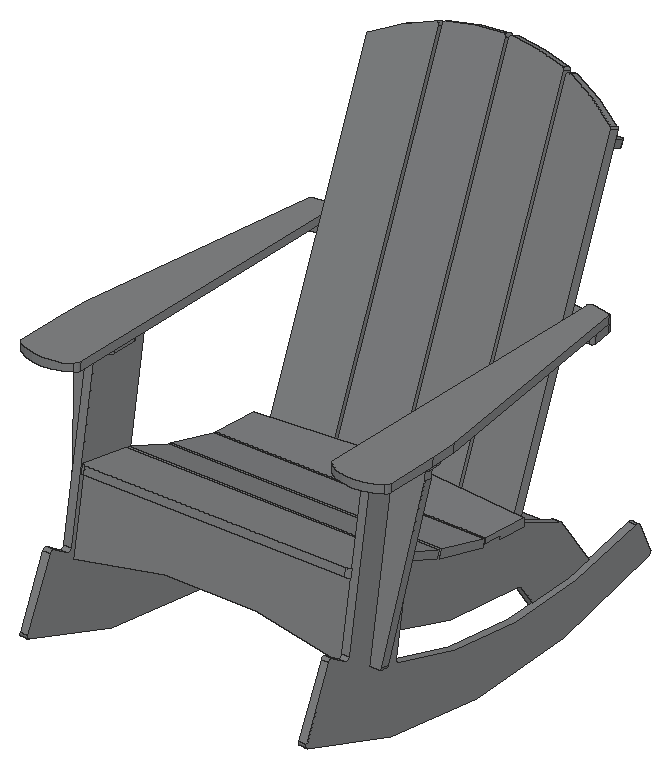
Revit family "Lollygagger Adirondack 4 Slat Curve Rocker", category Furniture, Revit 2016 (continued)
Lines and regions (in)
  symbolic lines, style "Furniture", detail levels medium+fine
    curve 5: spline (-10.2425, 4.56446, 0) -> (-8.55045, 4.82601, 0) -> (-6.84935, 5.04027, 0) -> (-5.14101, 5.20703, 0) -> (-3.42723, 5.32611, 0) -> (-1.70983, 5.39737, 0) -> (0.00937, 5.42075, 0) -> (1.72855, 5.39623, 0) -> (3.44588, 5.32382, 0) -> (5.15955, 5.2036, 0) -> (6.86774, 5.03571, 0) -> (8.56865, 4.82031, 0) -> (10.26046, 4.55764, 0)
    curve 22: line (0, -9.52504, 21.32031) -> (0, -12.01282, 7.21187)
    curve 23: line (0, -11.39753, 7.10209) -> (0, -8.89039, 21.32031)
    curve 24: line (0, -6.99945, 21.32031) -> (0, -10.24945, 21.32031)
    curve 25: line (0, -11.39753, 7.10209) -> (0, -12.01282, 7.21187)
    curve 26: line (0, -6.99945, 21.94531) -> (0, -6.99945, 21.32031)
    curve 27: line (0, -10.24945, 21.32031) -> (0, -10.24945, 21.94531)
    curve 31: line (0, 4.78778, 10.06811) -> (0, 4.98847, 10.55263)
  symbolic lines, style "Furniture", detail levels fine
    curve 6: line (-5.17077, 5.20454, 0) -> (-5.17077, 16.06305, 0)
    curve 7: line (-4.95122, 5.22259, 0) -> (-4.95122, 16.97795, 0)
    curve 8: line (-0.11562, 5.42067, 0) -> (-0.11562, 16.5995, 0)
    curve 9: line (0.11562, 5.42063, 0) -> (0.11562, 16.5995, 0)
    curve 10: line (4.95122, 5.22079, 0) -> (4.95122, 16.97795, 0)
    curve 11: line (5.17077, 5.20266, 0) -> (5.17077, 16.06305, 0)
    curve 12: line (0.32366, 0.63855, 0) -> (-0.32366, 0.63855, 0)
    curve 13: line (0.32366, 0.44112, 0) -> (-0.32366, 0.44112, 0)
    curve 14: line (0.32366, -4.02441, 0) -> (-0.32366, -4.02441, 0)
    curve 15: line (0.32366, -4.10169, 0) -> (-0.32366, -4.10169, 0)
    curve 16: line (0.32366, -8.47737, 0) -> (-0.32366, -8.47737, 0)
    curve 17: line (0.32366, -8.60596, 0) -> (-0.32366, -8.60596, 0)
    curve 28: line (0, 10.63704, 22.57031) -> (0, 15.26655, 33.74695)
    curve 29: line (0, 15.94009, 31.88781) -> (0, 15.65235, 31.19315)
    curve 30: line (0, 5.36024, 9.83099) -> (0, 10.11927, 21.32031)
    curve 36: line (-10.02367, 1.28811, 0) -> (-10.02367, 15.26655, 0)
    curve 37: line (10.26046, -13.12871, 0) -> (-10.2425, -13.12871, 0)
  symbolic lines
    curve 18: line (10.03309, 0, 21.94531) -> (14.4573, 0, 21.94531)
    curve 19: line (-10.24219, 0, 21.94531) -> (-14.45723, 0, 21.94531)
    curve 20: line (11, 0, 14.5378) -> (11, 0, 0)
    curve 21: line (-11, 0, 14.5378) -> (-11, 0, 0)
  symbolic lines, detail levels medium+fine
    curve 32: line (10.37499, 12.09378, 0) -> (11.62499, 11.91527, 0)
    curve 33: line (11, 12.52698, 0) -> (11, 12.00452, 0)
    curve 34: line (-10.375, 12.09384, 0) -> (-11.625, 11.91533, 0)
    curve 35: line (-11, 12.52698, 0) -> (-11, 12.00459, 0)
    curve 64: line (0, 10.25057, 21.32031) -> (0, 10.05173, 20.83048)
    curve 65: spline (0, 10.05173, 20.83048) -> (0, 10.00989, 20.72481) -> (0, 9.97089, 20.62095) -> (0, 9.93538, 20.52067) -> (0, 9.90398, 20.42569) -> (0, 9.87723, 20.33764) -> (0, 9.85558, 20.25802) -> (0, 9.8394, 20.1882) -> (0, 9.82897, 20.12936) -> (0, 9.82447, 20.08252) -> (0, 9.82597, 20.04848) -> (0, 9.83346, 20.02782) -> (0, 9.84679, 20.0209)
    curve 66: line (0, 10.41926, 19.78378) -> (0, 9.84679, 20.0209)
    curve 67: line (0, 11.56936, 22.57031) -> (0, 9.96636, 22.57031)
    curve 68: line (0, 15.74227, 32.64451) -> (0, 14.94645, 32.97415)
    curve 69: line (0, 14.89146, 32.318) -> (0, 14.70641, 32.39465)
    curve 73: line (0, 8.17547, 8.66488) -> (0, 4.78778, 10.06811)
    curve 75: line (0, 14.94645, 32.97415) -> (0, 14.70641, 32.39465)
    curve 76: line (10.3687, 32.89487, 0) -> (17.10307, 32.89487, 0)
    curve 77: arc (11, -14.69031, 0) -> (11.30762, -14.8206, 0) -> (11.625, -14.92488, 0) r 4.01789
    curve 78: arc (-11, -14.69031, 0) -> (-11.30762, -14.8206, 0) -> (-11.625, -14.92488, 0) r 4.01789
  symbolic lines, detail levels fine
    curve 38: line (-4.70147, 17.08392, 0) -> (-0.39327, 17.26171, 0)
    curve 39: spline (-4.95122, 16.97795, 0) -> (-4.94908, 16.99052, 0) -> (-4.94271, 17.00306, 0) -> (-4.93221, 17.01534, 0) -> (-4.91776, 17.02716, 0) -> (-4.89961, 17.03832, 0) -> (-4.87807, 17.04861, 0) -> (-4.85351, 17.05788, 0) -> (-4.82635, 17.06595, 0) -> (-4.79705, 17.0727, 0) -> (-4.76611, 17.078, 0) -> (-4.73407, 17.08176, 0) -> (-4.70147, 17.08392, 0)
    curve 40: spline (-0.39327, 17.26171, 0) -> (-0.36067, 17.26224, 0) -> (-0.32863, 17.26112, 0) -> (-0.29769, 17.25838, 0) -> (-0.26839, 17.25405, 0) -> (-0.24123, 17.24822, 0) -> (-0.21666, 17.24098, 0) -> (-0.19512, 17.23246, 0) -> (-0.17697, 17.2228, 0) -> (-0.16253, 17.21218, 0) -> (-0.15202, 17.20076, 0) -> (-0.14565, 17.18875, 0) -> (-0.14351, 17.17635, 0)
    curve 41: line (-0.14351, 17.17635, 0) -> (-0.11562, 16.5995, 0)
    curve 42: line (4.70147, 17.08392, 0) -> (0.39327, 17.26171, 0)
    curve 43: spline (4.95122, 16.97795, 0) -> (4.94908, 16.99052, 0) -> (4.94271, 17.00306, 0) -> (4.93221, 17.01534, 0) -> (4.91776, 17.02716, 0) -> (4.89961, 17.03832, 0) -> (4.87807, 17.04861, 0) -> (4.85351, 17.05788, 0) -> (4.82635, 17.06595, 0) -> (4.79705, 17.0727, 0) -> (4.76611, 17.078, 0) -> (4.73407, 17.08176, 0) -> (4.70147, 17.08392, 0)
    curve 44: line (0.14351, 17.17635, 0) -> (0.11562, 16.5995, 0)
    curve 45: spline (0.39327, 17.26171, 0) -> (0.36067, 17.26224, 0) -> (0.32863, 17.26112, 0) -> (0.29769, 17.25838, 0) -> (0.26839, 17.25405, 0) -> (0.24123, 17.24822, 0) -> (0.21666, 17.24098, 0) -> (0.19512, 17.23246, 0) -> (0.17697, 17.2228, 0) -> (0.16253, 17.21218, 0) -> (0.15202, 17.20076, 0) -> (0.14565, 17.18875, 0) -> (0.14351, 17.17635, 0)
    curve 46: spline (0, 15.80572, 31.33021) -> (0, 15.70527, 31.09167) -> (0, 15.60886, 30.87056) -> (0, 15.52305, 30.68193) -> (0, 15.4537, 30.53864) -> (0, 15.40552, 30.45047) -> (0, 15.38181, 30.4234) -> (0, 15.38418, 30.4593) -> (0, 15.41247, 30.55572) -> (0, 15.46475, 30.70608) -> (0, 15.53745, 30.90013) -> (0, 15.62563, 31.12466) -> (0, 15.72327, 31.36436)
    curve 47: spline (0, 15.62734, 30.99827) -> (0, 15.6425, 31.03551) -> (0, 15.6562, 31.0704) -> (0, 15.6675, 31.10054) -> (0, 15.67562, 31.1239) -> (0, 15.68002, 31.13888) -> (0, 15.68038, 31.14446) -> (0, 15.6767, 31.14026) -> (0, 15.66922, 31.12656) -> (0, 15.65844, 31.1043) -> (0, 15.64511, 31.07499) -> (0, 15.63013, 31.04064) -> (0, 15.61453, 31.00358)
    curve 48: spline (0, 15.61453, 31.00358) -> (0, 15.59936, 30.96634) -> (0, 15.58566, 30.93146) -> (0, 15.57436, 30.90131) -> (0, 15.56624, 30.87795) -> (0, 15.56185, 30.86297) -> (0, 15.56148, 30.85739) -> (0, 15.56516, 30.8616) -> (0, 15.57265, 30.8753) -> (0, 15.58342, 30.89756) -> (0, 15.59675, 30.92686) -> (0, 15.61173, 30.96122) -> (0, 15.62734, 30.99827)
    curve 49: spline (0, 15.16685, 31.01963) -> (0, 15.17369, 31.02249) -> (0, 15.1841, 31.03488) -> (0, 15.19735, 31.05595) -> (0, 15.21255, 31.08427) -> (0, 15.22867, 31.1179) -> (0, 15.2446, 31.15456) -> (0, 15.25926, 31.19174) -> (0, 15.27164, 31.22692) -> (0, 15.28092, 31.25769) -> (0, 15.28644, 31.28196) -> (0, 15.28784, 31.29808) -> (0, 15.28503, 31.30494)
    curve 50: spline (0, 15.28503, 31.30494) -> (0, 15.27818, 31.30208) -> (0, 15.26778, 31.28969) -> (0, 15.25453, 31.26862) -> (0, 15.23932, 31.24031) -> (0, 15.22321, 31.20667) -> (0, 15.20728, 31.17002) -> (0, 15.19262, 31.13283) -> (0, 15.18024, 31.09765) -> (0, 15.17096, 31.06688) -> (0, 15.16544, 31.04261) -> (0, 15.16403, 31.0265) -> (0, 15.16685, 31.01963)
    curve 51: spline (0, 15.49027, 31.46087) -> (0, 15.38711, 31.22346) -> (0, 15.28274, 31.00564) -> (0, 15.18428, 30.82225) -> (0, 15.09844, 30.6858) -> (0, 15.03106, 30.60557) -> (0, 14.98674, 30.58705) -> (0, 14.9685, 30.63148) -> (0, 14.97759, 30.73585) -> (0, 15.01338, 30.89304) -> (0, 15.07343, 31.09234) -> (0, 15.15365, 31.32016) -> (0, 15.24858, 31.56098)
    curve 52: line (0, 15.70677, 31.98353) -> (0, 15.49027, 31.46087)
    curve 53: line (0, 15.24858, 31.56098) -> (0, 15.46473, 32.08282)
    curve 54: spline (0, 10.95118, 19.78445) -> (0, 10.94852, 19.79137) -> (0, 10.95163, 19.812) -> (0, 10.96044, 19.84599) -> (0, 10.97482, 19.89277) -> (0, 10.9945, 19.95153) -> (0, 11.01916, 20.02126) -> (0, 11.04838, 20.10078) -> (0, 11.08165, 20.18871) -> (0, 11.1184, 20.28357) -> (0, 11.15801, 20.38372) -> (0, 11.1998, 20.48745) -> (0, 11.24305, 20.59298)
    curve 55: line (0, 11.24305, 20.59298) -> (0, 11.54362, 21.32031)
    curve 56: spline (0, 11.17168, 20.24218) -> (0, 11.18629, 20.27805) -> (0, 11.19948, 20.31165) -> (0, 11.21036, 20.34069) -> (0, 11.21819, 20.36319) -> (0, 11.22242, 20.37762) -> (0, 11.22277, 20.38299) -> (0, 11.21923, 20.37894) -> (0, 11.21202, 20.36575) -> (0, 11.20164, 20.34431) -> (0, 11.1888, 20.31608) -> (0, 11.17437, 20.28299) -> (0, 11.15934, 20.24729)
    curve 57: spline (0, 11.15934, 20.24729) -> (0, 11.14473, 20.21143) -> (0, 11.13153, 20.17783) -> (0, 11.12065, 20.14879) -> (0, 11.11283, 20.12629) -> (0, 11.1086, 20.11186) -> (0, 11.10824, 20.10649) -> (0, 11.11179, 20.11054) -> (0, 11.119, 20.12373) -> (0, 11.12938, 20.14517) -> (0, 11.14222, 20.1734) -> (0, 11.15664, 20.20649) -> (0, 11.17168, 20.24218)
    curve 58: spline (0, 10.73483, 20.3832) -> (0, 10.7282, 20.38043) -> (0, 10.71813, 20.36843) -> (0, 10.70529, 20.34802) -> (0, 10.69056, 20.3206) -> (0, 10.67495, 20.28802) -> (0, 10.65952, 20.25251) -> (0, 10.64533, 20.2165) -> (0, 10.63333, 20.18243) -> (0, 10.62435, 20.15262) -> (0, 10.619, 20.12911) -> (0, 10.61764, 20.1135) -> (0, 10.62036, 20.10686)
    curve 59: spline (0, 10.62036, 20.10686) -> (0, 10.62699, 20.10963) -> (0, 10.63707, 20.12162) -> (0, 10.64991, 20.14203) -> (0, 10.66463, 20.16946) -> (0, 10.68024, 20.20204) -> (0, 10.69567, 20.23754) -> (0, 10.70987, 20.27356) -> (0, 10.72187, 20.30763) -> (0, 10.73085, 20.33744) -> (0, 10.7362, 20.36095) -> (0, 10.73756, 20.37655) -> (0, 10.73483, 20.3832)
    curve 60: line (0, 11.30807, 21.32031) -> (0, 11.01297, 20.59335)
    curve 61: spline (0, 11.01297, 20.59335) -> (0, 10.96901, 20.48767) -> (0, 10.92369, 20.38381) -> (0, 10.87779, 20.28353) -> (0, 10.83207, 20.18856) -> (0, 10.78734, 20.10051) -> (0, 10.74435, 20.02089) -> (0, 10.70384, 19.95106) -> (0, 10.66651, 19.89223) -> (0, 10.63298, 19.84539) -> (0, 10.60384, 19.81135) -> (0, 10.57959, 19.7907) -> (0, 10.56063, 19.78377)
    curve 62: spline (0, 10.41926, 19.78378) -> (0, 10.40592, 19.7907) -> (0, 10.39844, 19.81136) -> (0, 10.39693, 19.8454) -> (0, 10.40143, 19.89224) -> (0, 10.41186, 19.95107) -> (0, 10.42804, 20.0209) -> (0, 10.44969, 20.10052) -> (0, 10.47645, 20.18857) -> (0, 10.50784, 20.28355) -> (0, 10.54335, 20.38382) -> (0, 10.58235, 20.48769) -> (0, 10.62419, 20.59336)
    curve 63: line (0, 10.62419, 20.59336) -> (0, 10.91929, 21.32031)
    curve 70: line (0, 4.68692, 10.10989) -> (0, 0.48064, 10.3573)
    curve 71: line (0, 0.48064, 10.3573) -> (0, -4.12757, 11.57023)
    curve 72: line (0, -4.12757, 11.57023) -> (0, -8.11416, 13.12582)
    curve 74: line (0, 4.78778, 10.06811) -> (0, 4.68692, 10.10989)
    curve 79: spline (-9.91203, 15.35798, 0) -> (-9.57383, 15.48292, 0) -> (-9.23083, 15.6055, 0) -> (-8.88321, 15.72563, 0) -> (-8.53115, 15.84327, 0) -> (-8.17481, 15.95835, 0) -> (-7.81439, 16.07081, 0) -> (-7.45006, 16.1806, 0) -> (-7.08201, 16.28766, 0) -> (-6.71043, 16.39194, 0) -> (-6.3355, 16.49338, 0) -> (-5.95741, 16.59193, 0) -> (-5.57636, 16.68755, 0)
    curve 80: spline (-5.57636, 16.68755, 0) -> (-5.53858, 16.69561, 0) -> (-5.49985, 16.70147, 0) -> (-5.46115, 16.70498, 0) -> (-5.4234, 16.70605, 0) -> (-5.38755, 16.70466, 0) -> (-5.35447, 16.70084, 0) -> (-5.32497, 16.69469, 0) -> (-5.29978, 16.68635, 0) -> (-5.27952, 16.67603, 0) -> (-5.26468, 16.66399, 0) -> (-5.25563, 16.65051, 0) -> (-5.25258, 16.63594, 0)
    curve 81: line (-5.17077, 16.06305, 0) -> (-5.25258, 16.63594, 0)
    curve 82: spline (-10.02367, 15.26655, 0) -> (-10.02243, 15.2744, 0) -> (-10.01958, 15.28237, 0) -> (-10.01515, 15.29043, 0) -> (-10.00916, 15.29851, 0) -> (-10.00167, 15.30657, 0) -> (-9.9927, 15.31455, 0) -> (-9.98233, 15.3224, 0) -> (-9.97062, 15.33007, 0) -> (-9.95765, 15.33751, 0) -> (-9.9435, 15.34467, 0) -> (-9.92826, 15.35151, 0) -> (-9.91203, 15.35798, 0)
    curve 83: spline (9.91203, 15.35798, 0) -> (9.57383, 15.48292, 0) -> (9.23083, 15.6055, 0) -> (8.88322, 15.72563, 0) -> (8.53115, 15.84327, 0) -> (8.17481, 15.95835, 0) -> (7.81439, 16.07081, 0) -> (7.45006, 16.1806, 0) -> (7.08201, 16.28766, 0) -> (6.71043, 16.39194, 0) -> (6.3355, 16.49338, 0) -> (5.95741, 16.59194, 0) -> (5.57636, 16.68755, 0)
    curve 84: spline (5.57636, 16.68755, 0) -> (5.53857, 16.69562, 0) -> (5.49985, 16.70148, 0) -> (5.46114, 16.70499, 0) -> (5.4234, 16.70606, 0) -> (5.38754, 16.70467, 0) -> (5.35446, 16.70085, 0) -> (5.32497, 16.69469, 0) -> (5.29978, 16.68635, 0) -> (5.27951, 16.67603, 0) -> (5.26467, 16.66399, 0) -> (5.25562, 16.65051, 0) -> (5.25258, 16.63594, 0)
    curve 85: line (5.17077, 16.06305, 0) -> (5.25258, 16.63594, 0)
    curve 86: spline (0, 15.35798, 33.92917) -> (0, 15.48292, 34.11422) -> (0, 15.6055, 34.29188) -> (0, 15.72563, 34.46206) -> (0, 15.84327, 34.62468) -> (0, 15.95835, 34.77965) -> (0, 16.07081, 34.9269) -> (0, 16.1806, 35.06634) -> (0, 16.28766, 35.19792) -> (0, 16.39194, 35.32155) -> (0, 16.49338, 35.43718) -> (0, 16.59193, 35.54476) -> (0, 16.68755, 35.64422)
    curve 87: spline (0, 16.83686, 35.82728) -> (0, 16.88765, 35.90808) -> (0, 16.93568, 35.98201) -> (0, 16.98093, 36.04904) -> (0, 17.02339, 36.10914) -> (0, 17.06303, 36.16228) -> (0, 17.09985, 36.20844) -> (0, 17.13381, 36.24761) -> (0, 17.16492, 36.27975) -> (0, 17.19315, 36.30487) -> (0, 17.2185, 36.32295) -> (0, 17.24095, 36.33399) -> (0, 17.26049, 36.33797)
    curve 88: spline (0, 16.74272, 35.62137) -> (0, 16.75269, 35.6451) -> (0, 16.7626, 35.66839) -> (0, 16.77235, 35.69098) -> (0, 16.78183, 35.71263) -> (0, 16.79094, 35.73312) -> (0, 16.79958, 35.7522) -> (0, 16.80766, 35.76969) -> (0, 16.8151, 35.7854) -> (0, 16.8218, 35.79914) -> (0, 16.8277, 35.81079) -> (0, 16.83274, 35.8202) -> (0, 16.83686, 35.82728)
    curve 89: line (0, 16.11465, 35.88152) -> (0, 16.74272, 35.62137)
    curve 90: spline (0, 15.26655, 33.74695) -> (0, 15.2744, 33.76546) -> (0, 15.28237, 33.78373) -> (0, 15.29043, 33.80165) -> (0, 15.29851, 33.8191) -> (0, 15.30657, 33.83596) -> (0, 15.31455, 33.85214) -> (0, 15.3224, 33.86752) -> (0, 15.33007, 33.882) -> (0, 15.33751, 33.89549) -> (0, 15.34467, 33.9079) -> (0, 15.35151, 33.91915) -> (0, 15.35798, 33.92917)
Dimensions and locks (in)
  "Length": plane 5 to plane 4
  "Width": plane 6 to plane 7
  equal spacing: plane 5, plane 3 "Center Left/Right", plane 4
  locked: plane 8 to plane 4 at 3.375
  locked: plane 5 to plane 9 at 3.375
  "Height Arm": plane 10 to level
  "Thick": plane 10 to plane 11
  "Thick": plane 9 to plane 12
  "Thick": plane 13 to plane 8
  locked: plane 14 to plane 7 at 3.32925
  "Thick": Extrusion 5 to plane 13
  "Thick": plane 11 to plane 15
  Extrusion 14 sketch curve to plane 13 = 0.31254"
  "Thick": plane 12 to Extrusion 4
  aligned and locked: level to plane 2
  aligned and locked: Extrusion 1 sketch curve to plane 12
  aligned and locked: plane 13 to Extrusion 1 sketch curve
  aligned and locked: Extrusion 2 sketch curve to plane 11
  aligned and locked: Extrusion 3 to plane 8
  aligned and locked: plane 13 to Extrusion 3
  aligned and locked: Extrusion 5 to plane 13
  aligned and locked: plane 12 to Extrusion 6
  aligned and locked: plane 12 to Extrusion 7
  aligned and locked: plane 8 to Extrusion 9
  aligned and locked: Extrusion 10 sketch curve to plane 9
  aligned and locked: Extrusion 12 to Extrusion 4
  aligned and locked: Extrusion 17 to Extrusion 11
  aligned and locked: Extrusion 18 to Extrusion 4
  aligned and locked: Extrusion 19 to Extrusion 5
  aligned and locked: Extrusion 20 to Extrusion 5
  aligned and locked: Extrusion 21 to Extrusion 4
  aligned and locked: Extrusion 22 sketch curve to Extrusion 11
  aligned and locked: Extrusion 23 to Extrusion 8
  aligned and locked: Extrusion 23 to Extrusion 4
  aligned and locked: Extrusion 24 to Extrusion 5  (x2)
  aligned and locked: Extrusion 24 to Extrusion 8
  aligned and locked: Extrusion 25 to Extrusion 7  (x2)
  aligned and locked: Extrusion 25 to Extrusion 5
  aligned and locked: Extrusion 26 to Extrusion 4
  aligned and locked: Extrusion 26 to Extrusion 7
  aligned and locked: Extrusion 28 to Extrusion 4
  aligned and locked: Extrusion 29 to Extrusion 4
  aligned and locked: Extrusion 30 to Extrusion 5
  aligned and locked: Masking region 2 sketch curve to plane 12
  aligned and locked: Masking region 2 sketch curve to plane 7
  aligned and locked: Masking region 2 sketch curve to plane 9
  aligned and locked: plane 13 to Masking region 2
  aligned and locked: Masking region 2 to plane 8
  aligned and locked: Masking region 1 sketch curve to plane 10
  aligned and locked: Masking region 1 sketch curve to plane 5
  aligned and locked: Masking region 1 sketch curve to plane 11
  aligned and locked: Masking region 1 sketch curve to Extrusion 13
  aligned and locked: Masking region 1 sketch curve to plane 15
  aligned and locked: Masking region 1 sketch curve to plane 9
  aligned and locked: Masking region 1 sketch curve to Extrusion 10
  aligned and locked: Masking region 1 sketch curve to plane 2
  aligned and locked: Masking region 1 sketch curve to Extrusion 4
  aligned and locked: Masking region 1 to plane 8
  aligned and locked: Extrusion 14 to plane 15
  aligned and locked: Extrusion 13 to plane 15
  aligned and locked: Extrusion 16 to Masking region 1 sketch curve
  aligned and locked: Masking region 1 sketch curve to Extrusion 16  (x2)
  aligned and locked: plane 11 to Extrusion 16
  aligned and locked: Masking region 1 sketch curve to plane 13
  aligned and locked: curve 20 to Extrusion 5
  aligned and locked: plane 15 to curve 24
  aligned and locked: Extrusion 16 to Masking region 3 sketch curve  (x2)
  aligned and locked: Extrusion 16 to plane 15
  aligned and locked: plane 9 to Extrusion 2
  aligned and locked: Extrusion 2 to plane 12
  aligned and locked: plane 11 to Extrusion 14
  aligned and locked: plane 12 to Extrusion 4
  aligned and locked: plane 12 to curve 21
  aligned and locked: plane 13 to Extrusion 31 sketch curve
  aligned and locked: Extrusion 32 to Extrusion 5
  aligned and locked: Extrusion 34 to Extrusion 33
  aligned and locked: Extrusion 36 to Extrusion 37
  aligned and locked: Extrusion 40 to Extrusion 39
  aligned and locked: Extrusion 41 to Extrusion 39
  aligned and locked: Extrusion 42 to Extrusion 43
  aligned and locked: Extrusion 42 to Extrusion 44
  aligned and locked: Masking region 2 sketch curve to plane 8
  aligned and locked: plane 13 to Masking region 2 sketch curve
  aligned and locked: plane 14 to Masking region 4 sketch curve
  aligned and locked: plane 11 to Masking region 4 sketch curve
  aligned and locked: plane 15 to Masking region 4 sketch curve
  aligned and locked: Masking region 4 sketch curve to plane 11
  aligned and locked: Masking region 2 to plane 12
  aligned and locked: plane 9 to Masking region 2
  aligned and locked: Extrusion 45 to plane 11
  aligned and locked: plane 10 to Extrusion 45
  aligned and locked: plane 5 to Masking region 2
  aligned and locked: Masking region 2 to plane 4
  aligned and locked: Extrusion 45 to plane 4
  aligned and locked: plane 5 to Extrusion 46  (x2)
  aligned and locked: Extrusion 46 to plane 11
  aligned and locked: plane 10 to Extrusion 46
Automatic sketch dimensions
  curve 34 to plane 9 = 0"
  curve 78 to plane 9 = 0"
  curve 35 to plane 12 = 0"
  curve 78 to plane 12 = 0"
  curve 33 to plane 13 = 0"
  curve 77 to plane 13 = 0"
  curve 77 to plane 8 = 0"
  plane 9 to curve 78 = 1.09441"
  curve 2 to plane 12 = 0.5075"
  curve 2 to curve 1 = 1/4"
  curve 36 to plane 12 = 0.97633"
  curve 81 to plane 6 = 0.73594"
  curve 82 to curve 81 = 4.77109"
  curve 81 to plane 6 = 1.30884"
  curve 81 to curve 81 = 0.08181"
  curve 80 to curve 7 = 0.30136"
  curve 38 to plane 6 = 0.28796"
  curve 7 to curve 38 = 0.24975"
  curve 38 to plane 6 = 0.11017"
  curve 38 to plane 3 "Center Left/Right" = 0.39327"
  curve 41 to plane 3 "Center Left/Right" = 0.14351"
  curve 8 to plane 3 "Center Left/Right" = 0.11562"
  plane 3 "Center Left/Right" to curve 9 = 0.11562"
  plane 3 "Center Left/Right" to curve 44 = 0.14351"
  curve 42 to plane 6 = 0.11017"
  curve 45 to curve 42 = 0.24975"
  curve 42 to plane 6 = 0.28796"
  curve 42 to curve 42 = 4.3082"
  curve 43 to curve 10 = 0.24975"
  curve 43 to curve 11 = 0.21955"
  curve 85 to plane 6 = 0.73594"
  curve 43 to curve 85 = 0.30136"
  plane 13 to curve 3 = 0.73954"
  curve 3 to curve 4 = 1/4"
  curve 77 to plane 8 = 1.09441"
  curve 11 to curve 85 = 0.57289"
  curve 36 to plane 6 = 2.10533"
  curve 2 to curve 36 = 3.44203"
  curve 4 to plane 6 = 5.54999"
  plane 14 to curve 78 = 4.00166"
  plane 14 to curve 77 = 4.00166"
  curve 9 to curve 42 = 0.66221"
  curve 41 to curve 9 = 0"
  curve 7 to curve 39 = 0.10598"
  curve 10 to curve 43 = 0.10598"
  curve 41 to plane 6 = 0.19553"
  curve 44 to plane 6 = 0.19553"
  plane 5 to curve 83 = 2.70949"
  curve 2 to curve 2 = 0.03534"
  curve 2 to curve 34 = 0.15284"
  curve 82 to curve 82 = 0.11165"
  curve 82 to curve 82 = 0.13614"
  curve 82 to curve 82 = 0.24749"
  curve 80 to curve 80 = 0.32378"
  curve 80 to curve 80 = 0.07593"
  curve 80 to curve 80 = 0.00036"
  curve 39 to curve 39 = 0"
  curve 39 to curve 39 = 0.24971"
  curve 40 to curve 40 = 0"
  curve 17 to plane 3 "Center Left/Right" = 0.32366"
  curve 14 to plane 3 "Center Left/Right" = 0.32366"
  curve 16 to curve 17 = 0"  (x2)
  curve 13 to plane 3 "Center Left/Right" = 0.32366"
  curve 15 to curve 14 = 0"  (x2)
  curve 12 to curve 13 = 0"
  curve 40 to curve 41 = 0.00004"
  curve 79 to plane 3 "Center Left/Right" = 0.10965"
  curve 5 to plane 3 "Center Left/Right" = 0.01116"
  plane 3 "Center Left/Right" to curve 83 = 0.10965"
  curve 45 to curve 45 = 0.00004"
  plane 3 "Center Left/Right" to curve 14 = 0.32366"
  plane 3 "Center Left/Right" to curve 12 = 0.32366"
  plane 3 "Center Left/Right" to curve 17 = 0.32366"
  curve 13 to curve 12 = 0"
  curve 45 to curve 42 = 0"
  curve 43 to curve 42 = 0.24971"
  curve 43 to curve 42 = 0"
  curve 84 to curve 84 = 0.00036"
  curve 84 to curve 84 = 0.24785"
  curve 84 to curve 84 = 0.07593"
  plane 13 to curve 83 = 1.08797"
  plane 13 to curve 76 = 0.6313"
  curve 3 to curve 32 = 0.11454"
  curve 32 to curve 4 = 0.17081"
  plane 8 to curve 32 = 0"
  curve 76 to plane 4 = 2.10307"
  curve 79 to plane 4 = 2.70956"
  curve 5 to plane 7 = 21.40072"
  curve 5 to plane 4 = 37.80847"
  curve 82 to curve 79 = 0.09142"
  curve 83 to plane 6 = 2.01391"
  curve 79 to plane 6 = 4.03037"
  curve 83 to plane 6 = 4.03038"
  curve 2 to curve 35 = 0.45496"
  curve 4 to curve 33 = 0.45759"
  curve 2 to curve 34 = 0.02183"
  curve 4 to curve 32 = 0.02439"
  curve 8 to curve 79 = 5.37611"
  curve 36 to plane 1 "Center Front/Back" = 1.28811"
  curve 12 to plane 1 "Center Front/Back" = 0.63855"
  curve 13 to curve 12 = 0.19742"
  plane 1 "Center Front/Back" to curve 14 = 4.02441"
  curve 15 to curve 14 = 0.07727"
  curve 16 to curve 15 = 4.37568"
  curve 17 to curve 16 = 0.12859"
  plane 14 to curve 37 = 1.93187"
  curve 1 to curve 37 = 0.65943"
  curve 3 to curve 37 = 0.66116"
  plane 14 to curve 78 = 0.37027"
  plane 14 to curve 77 = 0.37027"
  plane 6 to curve 76 = 15.52299"
  curve 19 to plane 11 = 0"
  curve 18 to plane 11 = 0"
  curve 20 to level = 0"
  curve 21 to level = 0"
  curve 19 to plane 5 = 0.54277"
  curve 19 to plane 12 = 97/128"
  plane 13 to curve 18 = 0.96691"
  plane 4 to curve 18 = 0.5427"
  curve 20 to plane 15 = 6.78251"
  curve 21 to plane 15 = 6.78251"
  curve 27 to plane 11 = 0"
  curve 26 to plane 11 = 0"
  curve 67 to plane 10 = 0"
  curve 30 to plane 15 = 0"
  curve 64 to plane 15 = 0"
  curve 63 to plane 15 = 0"
  curve 60 to plane 15 = 0"
  curve 55 to plane 15 = 0"
  plane 14 to curve 22 = 3.04776"
  curve 22 to curve 25 = 0.61528"
  plane 14 to curve 24 = 4.81114"
  curve 24 to curve 24 = 3 1/4"
  plane 1 "Center Front/Back" to curve 72 = 4.12757"
  curve 70 to plane 1 "Center Front/Back" = 0.48064"
  curve 70 to curve 70 = 4.20628"
  curve 70 to curve 31 = 0.10085"
  curve 66 to plane 15 = 1.29942"
  curve 66 to plane 6 = 7.52509"
  curve 64 to plane 15 = 0.48983"
  curve 65 to curve 64 = 0.20494"
  curve 66 to plane 15 = 1.53654"
  curve 65 to curve 66 = 0.57246"
  curve 63 to plane 15 = 0.72695"
  curve 65 to curve 63 = 0.57246"
  curve 60 to plane 15 = 0.72697"
  curve 63 to curve 60 = 0.38877"
  curve 55 to plane 15 = 0.72733"
  curve 61 to curve 55 = 0.23008"
  curve 53 to plane 6 = 2.12331"
  curve 28 to plane 6 = 2.10533"
  curve 51 to curve 52 = 0.2417"
  curve 89 to plane 6 = 0.62916"
  curve 72 to plane 15 = 9.75009"
  curve 70 to curve 71 = 1.21292"
  curve 70 to curve 70 = 0.24742"
  curve 74 to curve 70 = 0.04178"
  level to curve 22 = 7.21187"
  curve 25 to curve 22 = 0.10978"
  plane 10 to curve 52 = 8.89056"
  curve 53 to curve 28 = 2.18596"
  curve 28 to curve 89 = 1.87442"
  curve 24 to curve 22 = 0.72441"
  curve 22 to curve 23 = 0.63464"
  curve 72 to curve 71 = 3.98659"
  curve 31 to curve 31 = 0.20069"
  curve 31 to curve 30 = 0.57246"
  curve 30 to curve 73 = 2.81524"
  curve 67 to curve 30 = 0.15292"
  curve 65 to curve 65 = 0.1237"
  curve 30 to curve 64 = 0.1313"
  curve 87 to curve 62 = 0.03045"
  curve 65 to plane 11 = 0.30644"
  curve 66 to curve 61 = 0.14137"
  curve 61 to curve 59 = 0.05974"
  curve 67 to curve 28 = 0.67068"
  curve 58 to curve 59 = 0.05723"
  curve 63 to curve 62 = 0.1237"
  curve 61 to curve 86 = 0.23615"
  curve 61 to curve 60 = 0.1237"
  curve 65 to curve 63 = 0.40901"
  curve 86 to curve 54 = 0.1544"
  plane 15 to curve 62 = 0.08144"
  curve 56 to curve 54 = 0.08371"
  curve 56 to curve 57 = 0.00617"
  curve 57 to curve 56 = 0.05727"
  curve 57 to curve 56 = 0"
  plane 15 to curve 61 = 0.08143"
  curve 62 to curve 61 = 0.14137"
  curve 55 to curve 54 = 0.04226"
  curve 61 to curve 60 = 0.08395"
  curve 60 to curve 55 = 0.23555"
  curve 28 to curve 67 = 0.93232"
  plane 15 to curve 54 = 0.08106"
  curve 55 to curve 54 = 0.07654"
  curve 75 to curve 53 = 0.54216"
  curve 69 to curve 75 = 0"
  curve 69 to curve 69 = 0.18505"
  curve 75 to curve 68 = 0.24004"
  curve 50 to curve 51 = 0.20257"
  curve 49 to curve 49 = 0.05909"
  curve 90 to curve 90 = 0.02807"
  curve 28 to curve 86 = 0.09142"
  curve 90 to curve 90 = 0.03232"
  curve 53 to curve 53 = 0.21615"
  curve 49 to curve 47 = 0.38859"
  curve 48 to curve 48 = 0.0064"
  curve 47 to curve 29 = 0.03783"
  curve 29 to curve 48 = 0.02803"
  curve 47 to curve 48 = 0"
  curve 53 to curve 52 = 0.24204"
  curve 29 to curve 46 = 0.07092"
  curve 53 to curve 68 = 0.27754"
  curve 68 to curve 51 = 0.00983"
  curve 46 to curve 46 = 0.04123"
  curve 52 to curve 29 = 0.23333"
  curve 89 to curve 89 = 0.62807"
  curve 51 to curve 46 = 0.39507"
  curve 86 to curve 89 = 0.05518"
  curve 88 to curve 88 = 0.00478"
  curve 89 to curve 87 = 0.09414"
  curve 88 to curve 88 = 0.00609"
  curve 87 to plane 6 = 0.11139"
  curve 87 to curve 87 = 0.01605"
  plane 6 to curve 86 = 0.3132"
  curve 87 to curve 62 = 0.07709"
  curve 86 to curve 54 = 0.24656"
  curve 71 to curve 72 = 1.55559"
  curve 61 to curve 59 = 0.32309"
  curve 57 to curve 54 = 0.3508"
  curve 48 to curve 51 = 0.4626"
  curve 47 to curve 49 = 0.01605"
  curve 47 to curve 29 = 0.04869"
  curve 29 to curve 46 = 0.13706"
  curve 29 to curve 52 = 0.09572"
  curve 52 to curve 53 = 0.09929"
  curve 90 to curve 90 = 0.01766"
  curve 88 to curve 88 = 0.0175"
  plane 12 to Masking region 1 sketch curve = 0"
  Masking region 1 sketch curve to plane 11 = 0"  (x4)
  Masking region 1 sketch curve to plane 10 = 0"
  Masking region 1 sketch curve to level = 0"
  plane 8 to Masking region 1 sketch curve = 0"
  Masking region 1 sketch curve to plane 15 = 0"
  plane 4 to Masking region 1 sketch curve = 0"
  Masking region 1 sketch curve to Masking region 1 sketch curve = 0.18748"
  plane 9 to Masking region 1 sketch curve = 0.99309"
  Masking region 1 sketch curve to plane 12 = 0.37121"
  Masking region 1 sketch curve to plane 12 = 97/128"
  Masking region 1 sketch curve to Masking region 1 sketch curve = 0.60511"
  Masking region 1 sketch curve to Masking region 1 sketch curve = 0.21851"
  Masking region 1 sketch curve to Masking region 1 sketch curve = 0.11286"  (x2)
  plane 15 to Masking region 1 sketch curve = 0.00171"  (x4)
  Masking region 1 sketch curve to Masking region 1 sketch curve = 4.8529"
  Masking region 1 sketch curve to Masking region 1 sketch curve = 0"  (x12)
  Masking region 1 sketch curve to Masking region 1 sketch curve = 0.21955"  (x6)
  Masking region 1 sketch curve to Masking region 1 sketch curve = 0.02511"  (x2)
  Masking region 1 sketch curve to plane 3 "Center Left/Right" = 0.11562"  (x2)
  Masking region 1 sketch curve to plane 3 "Center Left/Right" = 0.11554"
  Masking region 1 sketch curve to plane 3 "Center Left/Right" = 0.01116"
  Masking region 1 sketch curve to plane 3 "Center Left/Right" = 0.00007"  (x2)
  plane 3 "Center Left/Right" to Masking region 1 sketch curve = 0.11554"
  plane 3 "Center Left/Right" to Masking region 1 sketch curve = 0.11562"  (x2)
  Masking region 1 sketch curve to Masking region 1 sketch curve = 4.81057"
  Masking region 1 sketch curve to Masking region 1 sketch curve = 4.8356"
  plane 13 to Masking region 1 sketch curve = 1.08919"
  Masking region 1 sketch curve to Masking region 1 sketch curve = 0.97633"
  Masking region 1 sketch curve to Masking region 1 sketch curve = 0.24096"
  plane 13 to Masking region 1 sketch curve = 5/8"
  plane 13 to Masking region 1 sketch curve = 0.37121"
  Masking region 1 sketch curve to plane 8 = 0.78889"
  Masking region 1 sketch curve to Masking region 1 sketch curve = 0.24449"
  plane 4 to Masking region 1 sketch curve = 49/64"
  Masking region 1 sketch curve to Masking region 1 sketch curve = 0.57801"
  level to Masking region 1 sketch curve = 5.14563"
  Masking region 1 sketch curve to Masking region 1 sketch curve = 1.9603"
  Masking region 1 sketch curve to Masking region 1 sketch curve = 0.14747"
  Masking region 1 sketch curve to Masking region 1 sketch curve = 0.18468"
  Masking region 1 sketch curve to Masking region 1 sketch curve = 6.84093"
  Masking region 1 sketch curve to plane 15 = 6.84093"
  Masking region 1 sketch curve to Masking region 1 sketch curve = 0.05514"  (x3)
  Masking region 1 sketch curve to Masking region 1 sketch curve = 0.8038"
  Masking region 1 sketch curve to Masking region 1 sketch curve = 0.69222"
  plane 10 to Masking region 1 sketch curve = 8.78201"
  Masking region 1 sketch curve to Masking region 1 sketch curve = 0.00196"  (x4)
  Masking region 1 sketch curve to Masking region 1 sketch curve = 0.08198"  (x2)
  Masking region 1 sketch curve to Masking region 1 sketch curve = 0.00372"  (x3)
  Masking region 1 sketch curve to Masking region 1 sketch curve = 1.36101"  (x2)
  Masking region 1 sketch curve to Masking region 1 sketch curve = 1.36102"
  Masking region 1 sketch curve to Masking region 1 sketch curve = 0.97841"  (x2)
  Masking region 1 sketch curve to Masking region 1 sketch curve = 0.31008"  (x2)
  Masking region 1 sketch curve to Masking region 1 sketch curve = 2.83748"  (x2)
  Masking region 1 sketch curve to Masking region 1 sketch curve = 0.21515"  (x2)
  Masking region 1 sketch curve to Masking region 1 sketch curve = 3.67786"
  plane 5 to Masking region 1 sketch curve = 2.04484"
  plane 5 to Masking region 1 sketch curve = 2.87742"
  Masking region 1 sketch curve to Masking region 1 sketch curve = 0.22231"
  Masking region 1 sketch curve to Masking region 1 sketch curve = 0.24759"
  plane 12 to Masking region 1 sketch curve = 0.00379"
  Masking region 1 sketch curve to Masking region 1 sketch curve = 0.01966"  (x2)
  Masking region 1 sketch curve to Masking region 1 sketch curve = 0.08054"  (x2)
  Masking region 1 sketch curve to Masking region 1 sketch curve = 0.13614"
  Masking region 1 sketch curve to Masking region 1 sketch curve = 0.48426"
  Masking region 1 sketch curve to Masking region 1 sketch curve = 0.16042"  (x2)
  Masking region 1 sketch curve to Masking region 1 sketch curve = 0.07593"  (x2)
  Masking region 1 sketch curve to Masking region 1 sketch curve = 0.00006"  (x2)
  Masking region 1 sketch curve to Masking region 1 sketch curve = 0.18344"
  Masking region 1 sketch curve to Masking region 1 sketch curve = 0.06573"  (x2)
  Masking region 1 sketch curve to Masking region 1 sketch curve = 0.24775"
  Masking region 1 sketch curve to Masking region 1 sketch curve = 0.2403"  (x2)
  Masking region 1 sketch curve to Masking region 1 sketch curve = 0.00404"  (x2)
  Masking region 1 sketch curve to plane 3 "Center Left/Right" = 0.0279"
  Masking region 1 sketch curve to plane 3 "Center Left/Right" = 0.00027"
  plane 3 "Center Left/Right" to Masking region 1 sketch curve = 0.00027"
  plane 3 "Center Left/Right" to Masking region 1 sketch curve = 0.0279"
  Masking region 1 sketch curve to Masking region 1 sketch curve = 0.49692"
  Masking region 1 sketch curve to Masking region 1 sketch curve = 0.24917"
  Masking region 1 sketch curve to Masking region 1 sketch curve = 0.24785"
  Masking region 1 sketch curve to Masking region 1 sketch curve = 0.21668"
  Masking region 1 sketch curve to plane 13 = 0.00379"
  Masking region 1 sketch curve to Masking region 1 sketch curve = 1/4"
  Masking region 1 sketch curve to plane 4 = 2.04484"
  Masking region 1 sketch curve to plane 4 = 2.87742"
  Masking region 1 sketch curve to Masking region 1 sketch curve = 0.00071"
  Masking region 1 sketch curve to plane 15 = 3.46136"  (x2)
  Masking region 1 sketch curve to Masking region 1 sketch curve = 0.17061"
  Masking region 1 sketch curve to Masking region 1 sketch curve = 0.12307"  (x2)
  Masking region 1 sketch curve to Masking region 1 sketch curve = 0.01042"  (x2)
  Masking region 1 sketch curve to Masking region 1 sketch curve = 0.03601"  (x2)
  Extrusion 1 sketch curve to plane 3 "Center Left/Right" = 0"
  Extrusion 1 sketch curve to plane 12 = 0.86495"
  plane 3 "Center Left/Right" to Extrusion 1 sketch curve = 0.20573"
  Extrusion 1 sketch curve to Extrusion 1 sketch curve = 0.40873"
  Extrusion 1 sketch curve to Extrusion 1 sketch curve = 41.36494"
  Extrusion 1 sketch curve to Extrusion 1 sketch curve = 6.2593"
  Extrusion 1 sketch curve to Extrusion 1 sketch curve = 369.29722"
  Extrusion 2 sketch curve to Extrusion 2 sketch curve = 0"  (x4)
  Extrusion 2 sketch curve to plane 6 = 0.81418"
  level to Extrusion 2 sketch curve = 3.14788"
  Extrusion 2 sketch curve to Extrusion 2 sketch curve = 0.17366"  (x2)
  Extrusion 2 sketch curve to Extrusion 2 sketch curve = 1.80714"
  Extrusion 2 sketch curve to Extrusion 2 sketch curve = 23.09522"
  Extrusion 2 sketch curve to Extrusion 2 sketch curve = 0.24541"  (x2)
  Extrusion 2 sketch curve to Extrusion 2 sketch curve = 0.60721"
  Extrusion 2 sketch curve to Extrusion 2 sketch curve = 2.99631"
  Extrusion 2 sketch curve to Extrusion 2 sketch curve = 4.63607"
  Extrusion 2 sketch curve to Extrusion 2 sketch curve = 5.17701"
  Extrusion 2 sketch curve to Extrusion 2 sketch curve = 1.67739"
  Extrusion 2 sketch curve to Extrusion 2 sketch curve = 0.24939"  (x2)
  Extrusion 2 sketch curve to Extrusion 2 sketch curve = 0.38015"
  Extrusion 2 sketch curve to Extrusion 2 sketch curve = 4.73987"
  Extrusion 2 sketch curve to Extrusion 2 sketch curve = 22.58683"
  Extrusion 2 sketch curve to Extrusion 2 sketch curve = 2.38243"
  Extrusion 2 sketch curve to Extrusion 2 sketch curve = 1.74514"
  Extrusion 2 sketch curve to Extrusion 2 sketch curve = 0.17983"  (x2)
  Extrusion 2 sketch curve to Extrusion 2 sketch curve = 13.16581"
  Extrusion 2 sketch curve to Extrusion 2 sketch curve = 0.0477"  (x2)
  Extrusion 2 sketch curve to Extrusion 2 sketch curve = 0.02121"
  Extrusion 2 sketch curve to Extrusion 2 sketch curve = 0.01744"  (x2)
  Extrusion 2 sketch curve to Extrusion 2 sketch curve = 0.3817"
  Extrusion 2 sketch curve to Extrusion 2 sketch curve = 5.43639"
  Extrusion 2 sketch curve to Extrusion 2 sketch curve = 0.16119"
  Extrusion 3 sketch curve to Extrusion 3 sketch curve = 0"  (x4)
  Extrusion 3 sketch curve to plane 11 = 0"  (x2)
  Extrusion 3 sketch curve to plane 6 = 0.81418"
  level to Extrusion 3 sketch curve = 3.14788"
  Extrusion 3 sketch curve to Extrusion 3 sketch curve = 0.17366"  (x2)
  Extrusion 3 sketch curve to Extrusion 3 sketch curve = 1.80714"
  Extrusion 3 sketch curve to Extrusion 3 sketch curve = 23.09522"
  Extrusion 3 sketch curve to Extrusion 3 sketch curve = 0.24541"  (x2)
  Extrusion 3 sketch curve to Extrusion 3 sketch curve = 0.60721"
  Extrusion 3 sketch curve to Extrusion 3 sketch curve = 2.99631"
  Extrusion 3 sketch curve to Extrusion 3 sketch curve = 4.63607"
  Extrusion 3 sketch curve to Extrusion 3 sketch curve = 5.17701"
  Extrusion 3 sketch curve to Extrusion 3 sketch curve = 1.67739"
  Extrusion 3 sketch curve to Extrusion 3 sketch curve = 0.24939"  (x2)
  Extrusion 3 sketch curve to Extrusion 3 sketch curve = 0.38015"
  Extrusion 3 sketch curve to Extrusion 3 sketch curve = 4.73987"
  Extrusion 3 sketch curve to Extrusion 3 sketch curve = 22.58683"
  Extrusion 3 sketch curve to Extrusion 3 sketch curve = 2.38243"
  Extrusion 3 sketch curve to Extrusion 3 sketch curve = 1.74514"
  Extrusion 3 sketch curve to Extrusion 3 sketch curve = 0.17983"  (x2)
  Extrusion 3 sketch curve to Extrusion 3 sketch curve = 13.16581"
  Extrusion 3 sketch curve to Extrusion 3 sketch curve = 0.0477"  (x2)
  Extrusion 3 sketch curve to Extrusion 3 sketch curve = 0.02121"
  Extrusion 3 sketch curve to Extrusion 3 sketch curve = 0.01744"  (x2)
  Extrusion 3 sketch curve to Extrusion 3 sketch curve = 0.3817"
  Extrusion 3 sketch curve to Extrusion 3 sketch curve = 5.43639"
  Extrusion 3 sketch curve to Extrusion 3 sketch curve = 0.16119"
  level to Extrusion 4 sketch curve = 1.26409"
  Extrusion 4 sketch curve to Extrusion 4 sketch curve = 0.14339"  (x4)
  level to Extrusion 4 sketch curve = 2.43973"
  Extrusion 4 sketch curve to Extrusion 4 sketch curve = 4.24008"
  level to Extrusion 4 sketch curve = 7.82139"
  plane 14 to Extrusion 4 sketch curve = 5 7/256"
  Extrusion 4 sketch curve to Extrusion 4 sketch curve = 0.20279"  (x2)
  Extrusion 4 sketch curve to Extrusion 4 sketch curve = 0.2462"  (x2)
  Extrusion 4 sketch curve to Extrusion 4 sketch curve = 0.16063"
  Extrusion 4 sketch curve to Extrusion 4 sketch curve = 0.20404"
  plane 14 to Extrusion 4 sketch curve = 1.94017"
  Extrusion 4 sketch curve to Extrusion 4 sketch curve = 0.49329"
  Extrusion 4 sketch curve to Extrusion 4 sketch curve = 2.78635"
  Extrusion 4 sketch curve to Extrusion 4 sketch curve = 0.08758"
  Extrusion 4 sketch curve to Extrusion 4 sketch curve = 1.40417"
  Extrusion 4 sketch curve to plane 1 "Center Front/Back" = 4.72974"
  Extrusion 4 sketch curve to Extrusion 4 sketch curve = 0.25407"
  Extrusion 4 sketch curve to plane 1 "Center Front/Back" = 4.64065"
  Extrusion 4 sketch curve to Extrusion 4 sketch curve = 0.02046"
  Extrusion 4 sketch curve to plane 1 "Center Front/Back" = 0.48064"
  Extrusion 4 sketch curve to Extrusion 4 sketch curve = 0.24469"
  plane 1 "Center Front/Back" to Extrusion 4 sketch curve = 4.12757"
  Extrusion 4 sketch curve to Extrusion 4 sketch curve = 1.21292"
  Extrusion 4 sketch curve to Extrusion 4 sketch curve = 1.45647"
  Extrusion 4 sketch curve to Extrusion 4 sketch curve = 0.25619"
  plane 14 to Extrusion 4 sketch curve = 6.49105"
  Extrusion 4 sketch curve to Extrusion 4 sketch curve = 0.01475"
  Extrusion 4 sketch curve to Extrusion 4 sketch curve = 0.58132"
  plane 14 to Extrusion 4 sketch curve = 3.16314"
  Extrusion 4 sketch curve to Extrusion 4 sketch curve = 0.04341"
  plane 14 to Extrusion 4 sketch curve = 3.17435"
  Extrusion 4 sketch curve to Extrusion 4 sketch curve = 0.06358"
  Extrusion 4 sketch curve to plane 1 "Center Front/Back" = 3.99488"
  plane 10 to Extrusion 4 sketch curve = 19.5175"
  Extrusion 4 sketch curve to plane 1 "Center Front/Back" = 0.49505"
  Extrusion 4 sketch curve to Extrusion 4 sketch curve = 3.26387"
  Extrusion 4 sketch curve to plane 1 "Center Front/Back" = 7.30149"
  Extrusion 4 sketch curve to Extrusion 4 sketch curve = 0.20479"  (x3)
  Extrusion 4 sketch curve to Extrusion 4 sketch curve = 3.4553"
  Extrusion 4 sketch curve to Extrusion 4 sketch curve = 0.09567"
  Extrusion 4 sketch curve to Extrusion 4 sketch curve = 4.7707"
  Extrusion 4 sketch curve to Extrusion 4 sketch curve = 0.39236"
  Extrusion 4 sketch curve to Extrusion 4 sketch curve = 0.05285"
  Extrusion 4 sketch curve to Extrusion 4 sketch curve = 0.28218"
  Extrusion 4 sketch curve to Extrusion 4 sketch curve = 0.03598"
  Extrusion 4 sketch curve to Extrusion 4 sketch curve = 0"  (x2)
  level to Extrusion 5 sketch curve = 1.26409"
  Extrusion 5 sketch curve to Extrusion 5 sketch curve = 0.14339"  (x4)
  level to Extrusion 5 sketch curve = 2.43973"
  Extrusion 5 sketch curve to Extrusion 5 sketch curve = 4.24008"
  level to Extrusion 5 sketch curve = 7.82139"
  plane 14 to Extrusion 5 sketch curve = 5 7/256"
  Extrusion 5 sketch curve to Extrusion 5 sketch curve = 0.20279"  (x2)
  Extrusion 5 sketch curve to Extrusion 5 sketch curve = 0.2462"  (x3)
  Extrusion 5 sketch curve to Extrusion 5 sketch curve = 0.16063"
  Extrusion 5 sketch curve to Extrusion 5 sketch curve = 0.20404"
  plane 14 to Extrusion 5 sketch curve = 1.81706"
  Extrusion 5 sketch curve to Extrusion 5 sketch curve = 0.51499"
  Extrusion 5 sketch curve to Extrusion 5 sketch curve = 2.78635"
  Extrusion 5 sketch curve to Extrusion 5 sketch curve = 0.1231"
  plane 14 to Extrusion 5 sketch curve = 1.71567"
  Extrusion 5 sketch curve to Extrusion 5 sketch curve = 0.02171"  (x3)
  Extrusion 5 sketch curve to Extrusion 5 sketch curve = 0.08758"
  Extrusion 5 sketch curve to Extrusion 5 sketch curve = 1.40417"
  Extrusion 5 sketch curve to plane 1 "Center Front/Back" = 4.72974"
  Extrusion 5 sketch curve to Extrusion 5 sketch curve = 0.25407"
  Extrusion 5 sketch curve to plane 1 "Center Front/Back" = 4.64065"
  Extrusion 5 sketch curve to Extrusion 5 sketch curve = 0.02046"
  Extrusion 5 sketch curve to plane 1 "Center Front/Back" = 0.48064"
  Extrusion 5 sketch curve to Extrusion 5 sketch curve = 0.24469"
  plane 1 "Center Front/Back" to Extrusion 5 sketch curve = 4.12757"
  Extrusion 5 sketch curve to Extrusion 5 sketch curve = 1.21292"
  Extrusion 5 sketch curve to Extrusion 5 sketch curve = 1.45647"
  Extrusion 5 sketch curve to Extrusion 5 sketch curve = 0.25619"
  plane 14 to Extrusion 5 sketch curve = 6.49105"
  Extrusion 5 sketch curve to Extrusion 5 sketch curve = 0.01475"
  Extrusion 5 sketch curve to Extrusion 5 sketch curve = 0.47992"
  plane 14 to Extrusion 5 sketch curve = 2.60562"
  plane 14 to Extrusion 5 sketch curve = 2.87352"
  Extrusion 5 sketch curve to Extrusion 5 sketch curve = 0.10139"
  plane 14 to Extrusion 5 sketch curve = 2.75042"
  plane 14 to Extrusion 5 sketch curve = 3.16314"
  plane 14 to Extrusion 5 sketch curve = 3.17435"
  Extrusion 5 sketch curve to Extrusion 5 sketch curve = 0.06358"
  Extrusion 5 sketch curve to plane 1 "Center Front/Back" = 3.99488"
  plane 10 to Extrusion 5 sketch curve = 19.5175"
  Extrusion 5 sketch curve to plane 1 "Center Front/Back" = 0.49505"
  Extrusion 5 sketch curve to Extrusion 5 sketch curve = 3.26387"
  Extrusion 5 sketch curve to plane 1 "Center Front/Back" = 7.30149"
  Extrusion 5 sketch curve to Extrusion 5 sketch curve = 0.20479"  (x3)
  Extrusion 5 sketch curve to Extrusion 5 sketch curve = 3.4553"
  Extrusion 5 sketch curve to Extrusion 5 sketch curve = 0.09567"
  Extrusion 5 sketch curve to Extrusion 5 sketch curve = 4.7707"
  Extrusion 5 sketch curve to Extrusion 5 sketch curve = 0.39236"
  Extrusion 5 sketch curve to Extrusion 5 sketch curve = 0.05285"
  Extrusion 5 sketch curve to Extrusion 5 sketch curve = 0.28218"
  Extrusion 5 sketch curve to Extrusion 5 sketch curve = 0.03598"
  Extrusion 5 sketch curve to Extrusion 5 sketch curve = 0"  (x2)
  Extrusion 6 sketch curve to plane 12 = 0"
  Extrusion 6 sketch curve to plane 13 = 0.00379"
  Extrusion 6 sketch curve to Extrusion 6 sketch curve = 4 29/64"
  Extrusion 7 sketch curve to plane 12 = 0"
  Extrusion 7 sketch curve to plane 13 = 0.00379"
  Extrusion 7 sketch curve to Extrusion 7 sketch curve = 4 29/64"
  Extrusion 8 sketch curve to plane 12 = 0.00743"
  Extrusion 8 sketch curve to plane 12 = 0.38243"
  plane 13 to Extrusion 8 sketch curve = 0.37121"
  Extrusion 8 sketch curve to plane 13 = 0.00379"
  Extrusion 8 sketch curve to Extrusion 8 sketch curve = 4.21563"
  Extrusion 9 sketch curve to plane 8 = 0"
  Extrusion 9 sketch curve to plane 8 = 0.78903"
  Extrusion 9 sketch curve to Extrusion 9 sketch curve = 0.24827"
  plane 4 to Extrusion 9 sketch curve = 49/64"
  Extrusion 9 sketch curve to Extrusion 9 sketch curve = 0.97574"
  Extrusion 9 sketch curve to Extrusion 9 sketch curve = 13.36759"
  Extrusion 9 sketch curve to Extrusion 9 sketch curve = 0.02934"
  plane 9 to Extrusion 10 sketch curve = 0.76658"
  Extrusion 10 sketch curve to Extrusion 10 sketch curve = 0.24827"
  Extrusion 10 sketch curve to plane 5 = 0.76569"
  Extrusion 10 sketch curve to Extrusion 10 sketch curve = 0.97281"
  Extrusion 10 sketch curve to Extrusion 10 sketch curve = 13.37052"
  Extrusion 10 sketch curve to Extrusion 10 sketch curve = 0.02934"
  Extrusion 11 sketch curve to plane 1 "Center Front/Back" = 7.17323"
  level to Extrusion 11 sketch curve = 8.3873"
  Extrusion 11 sketch curve to Extrusion 11 sketch curve = 0.46298"
  Extrusion 11 sketch curve to Extrusion 11 sketch curve = 1.23454"
  Extrusion 11 sketch curve to Extrusion 11 sketch curve = 0.02616"
  Extrusion 11 sketch curve to Extrusion 11 sketch curve = 0.12223"  (x2)
  Extrusion 11 sketch curve to Extrusion 11 sketch curve = 0.04238"
  Extrusion 11 sketch curve to Extrusion 11 sketch curve = 3.14218"
  Extrusion 11 sketch curve to Extrusion 11 sketch curve = 2.36205"
  Extrusion 11 sketch curve to Extrusion 11 sketch curve = 4.8103"
  Extrusion 11 sketch curve to Extrusion 11 sketch curve = 4.63777"
  Extrusion 11 sketch curve to Extrusion 11 sketch curve = 3.58328"
  Extrusion 11 sketch curve to Extrusion 11 sketch curve = 0.02389"
  Extrusion 11 sketch curve to Extrusion 11 sketch curve = 0.02988"
  Extrusion 11 sketch curve to Extrusion 11 sketch curve = 1.65649"
  Extrusion 11 sketch curve to Extrusion 11 sketch curve = 2.16328"
  Extrusion 11 sketch curve to Extrusion 11 sketch curve = 0.29227"
  Extrusion 11 sketch curve to Extrusion 11 sketch curve = 0.36391"
  Extrusion 11 sketch curve to Extrusion 11 sketch curve = 3.25841"
  Extrusion 11 sketch curve to Extrusion 11 sketch curve = 0.03495"
  Extrusion 12 sketch curve to plane 12 = 5/8"
  Extrusion 12 sketch curve to Extrusion 12 sketch curve = 0.35133"
  Extrusion 12 sketch curve to Extrusion 12 sketch curve = 0.0442"
  Extrusion 12 sketch curve to Extrusion 12 sketch curve = 4.77115"
  Extrusion 12 sketch curve to Extrusion 12 sketch curve = 0.01791"
  Extrusion 12 sketch curve to Extrusion 12 sketch curve = 0.3013"
  Extrusion 12 sketch curve to Extrusion 12 sketch curve = 0.00587"  (x2)
  Extrusion 12 sketch curve to plane 3 "Center Left/Right" = 0.14351"
  Extrusion 12 sketch curve to Extrusion 12 sketch curve = 0.00602"
  plane 3 "Center Left/Right" to Extrusion 12 sketch curve = 0.13749"
  Extrusion 12 sketch curve to Extrusion 12 sketch curve = 4.80786"
  Extrusion 12 sketch curve to Extrusion 12 sketch curve = 0.28926"
  Extrusion 12 sketch curve to Extrusion 12 sketch curve = 0.01811"
  plane 13 to Extrusion 12 sketch curve = 1.00211"
  Extrusion 12 sketch curve to Extrusion 12 sketch curve = 0.0439"
  plane 13 to Extrusion 12 sketch curve = 0.62121"
  Extrusion 12 sketch curve to Extrusion 12 sketch curve = 0"
  Extrusion 12 sketch curve to Extrusion 12 sketch curve = 0.3317"
  Extrusion 12 sketch curve to Extrusion 12 sketch curve = 0.33504"
  Extrusion 12 sketch curve to Extrusion 12 sketch curve = 0.0215"  (x2)
  Extrusion 12 sketch curve to Extrusion 12 sketch curve = 0.13136"  (x2)
  Extrusion 12 sketch curve to Extrusion 12 sketch curve = 3.16885"
  Extrusion 13 sketch curve to plane 5 = 0.57819"
  Extrusion 13 sketch curve to Extrusion 13 sketch curve = 7/8"  (x2)
  Extrusion 13 sketch curve to Extrusion 13 sketch curve = 0.60923"
  Extrusion 13 sketch curve to plane 12 = 1/16"
  Extrusion 13 sketch curve to plane 12 = 0.06291"
  Extrusion 13 sketch curve to Extrusion 13 sketch curve = 1/4"
  plane 14 to Extrusion 13 sketch curve = 4.81895"
  Extrusion 13 sketch curve to Extrusion 13 sketch curve = 3/4"
  Extrusion 13 sketch curve to Extrusion 13 sketch curve = 0.24978"
  plane 13 to Extrusion 14 sketch curve = 0.06295"
  plane 13 to Extrusion 14 sketch curve = 0.06254"
  Extrusion 14 sketch curve to plane 8 = 1.32977"
  Extrusion 14 sketch curve to Extrusion 14 sketch curve = 0.60769"
  plane 4 to Extrusion 14 sketch curve = 1.43754"
  plane 4 to Extrusion 14 sketch curve = 0.56254"
  plane 14 to Extrusion 14 sketch curve = 4.81895"
  Extrusion 14 sketch curve to Extrusion 14 sketch curve = 3/4"
  Extrusion 14 sketch curve to Extrusion 14 sketch curve = 0.24751"
  Extrusion 15 sketch curve to plane 12 = 1.33596"
  plane 13 to Extrusion 15 sketch curve = 1.33611"
  Extrusion 15 sketch curve to Extrusion 15 sketch curve = 0"  (x2)
  plane 3 "Center Left/Right" to Extrusion 15 sketch curve = 5.22799"
  Extrusion 15 sketch curve to Extrusion 15 sketch curve = 0.39608"
  Extrusion 15 sketch curve to plane 3 "Center Left/Right" = 5.22635"
  Extrusion 15 sketch curve to Extrusion 15 sketch curve = 0.39634"
  Extrusion 15 sketch curve to plane 3 "Center Left/Right" = 5.19436"
  Extrusion 15 sketch curve to Extrusion 15 sketch curve = 0.00422"
  plane 3 "Center Left/Right" to Extrusion 15 sketch curve = 5.19421"
  Extrusion 15 sketch curve to Extrusion 15 sketch curve = 0.00446"
  plane 3 "Center Left/Right" to Extrusion 15 sketch curve = 4.94285"
  Extrusion 15 sketch curve to Extrusion 15 sketch curve = 0.01123"  (x2)
  Extrusion 15 sketch curve to plane 3 "Center Left/Right" = 4.94285"
  plane 3 "Center Left/Right" to Extrusion 15 sketch curve = 5.25252"
  Extrusion 15 sketch curve to Extrusion 15 sketch curve = 0.18594"
  Extrusion 15 sketch curve to plane 3 "Center Left/Right" = 5.25088"
  Extrusion 15 sketch curve to Extrusion 15 sketch curve = 0.18593"
  Extrusion 15 sketch curve to plane 3 "Center Left/Right" = 4.95122"
  Extrusion 15 sketch curve to Extrusion 15 sketch curve = 0.18736"  (x4)
  plane 3 "Center Left/Right" to Extrusion 15 sketch curve = 4.95122"
  plane 3 "Center Left/Right" to Extrusion 15 sketch curve = 0.13515"
  Extrusion 15 sketch curve to Extrusion 15 sketch curve = 0.21475"
  Extrusion 15 sketch curve to plane 3 "Center Left/Right" = 0.13515"
  Extrusion 15 sketch curve to plane 3 "Center Left/Right" = 0.00007"  (x2)
  Extrusion 15 sketch curve to Extrusion 15 sketch curve = 0.00603"
  plane 3 "Center Left/Right" to Extrusion 15 sketch curve = 0.14351"
  Extrusion 15 sketch curve to plane 3 "Center Left/Right" = 0.14351"
  plane 13 to Extrusion 15 sketch curve = 1.6457"
  Extrusion 15 sketch curve to Extrusion 15 sketch curve = 1.75576"
  Extrusion 15 sketch curve to plane 12 = 1.64555"
  Extrusion 15 sketch curve to Extrusion 15 sketch curve = 1.75578"
  Extrusion 15 sketch curve to plane 12 = 1.85906"
  Extrusion 15 sketch curve to Extrusion 15 sketch curve = 0.20444"  (x2)
  plane 13 to Extrusion 15 sketch curve = 1.8592"
  Extrusion 15 sketch curve to plane 3 "Center Left/Right" = 5.39993"
  Extrusion 15 sketch curve to Extrusion 15 sketch curve = 1.87153"
  plane 3 "Center Left/Right" to Extrusion 15 sketch curve = 5.39979"
  Extrusion 15 sketch curve to Extrusion 15 sketch curve = 1.87175"
  Extrusion 15 sketch curve to Extrusion 15 sketch curve = 1.8811"
  Extrusion 15 sketch curve to Extrusion 15 sketch curve = 0.04341"
  Extrusion 15 sketch curve to Extrusion 15 sketch curve = 0.24785"
  Extrusion 15 sketch curve to Extrusion 15 sketch curve = 0.0038"
  Extrusion 15 sketch curve to Extrusion 15 sketch curve = 0.0327"
  Extrusion 16 sketch curve to plane 3 "Center Left/Right" = 0"  (x2)
  Extrusion 16 sketch curve to plane 6 = 4.30823"
  Extrusion 16 sketch curve to plane 6 = 4.57027"
  Extrusion 16 sketch curve to plane 6 = 4 73/128"
  plane 3 "Center Left/Right" to Extrusion 16 sketch curve = 1.22224"
  Extrusion 16 sketch curve to Extrusion 16 sketch curve = 1.12707"  (x2)
  Extrusion 16 sketch curve to plane 3 "Center Left/Right" = 1.22224"
  plane 9 to Extrusion 16 sketch curve = 0.35415"
  Extrusion 16 sketch curve to plane 6 = 5.50708"
  Extrusion 16 sketch curve to plane 8 = 0.35416"
  Extrusion 16 sketch curve to plane 6 = 5.50713"
  Extrusion 16 sketch curve to Extrusion 16 sketch curve = 0.99986"
  Extrusion 16 sketch curve to Extrusion 16 sketch curve = 0.99983"
  plane 9 to Extrusion 16 sketch curve = 0.56638"
  Extrusion 16 sketch curve to Extrusion 16 sketch curve = 0.2127"  (x2)
  Extrusion 16 sketch curve to plane 8 = 0.56638"
  Extrusion 16 sketch curve to Extrusion 16 sketch curve = 0.24749"
  Extrusion 16 sketch curve to Extrusion 16 sketch curve = 0.03479"  (x3)
  Extrusion 16 sketch curve to Extrusion 16 sketch curve = 1.23429"
  Extrusion 16 sketch curve to Extrusion 16 sketch curve = 1.23427"
  Extrusion 16 sketch curve to Extrusion 16 sketch curve = 0.72388"
  Extrusion 16 sketch curve to plane 12 = 1.74077"
  Extrusion 16 sketch curve to Extrusion 16 sketch curve = 0.44714"
  plane 13 to Extrusion 16 sketch curve = 1.74077"
  Extrusion 16 sketch curve to Extrusion 16 sketch curve = 0.4471"
  Extrusion 16 sketch curve to Extrusion 16 sketch curve = 0.78115"  (x2)
  Extrusion 16 sketch curve to plane 3 "Center Left/Right" = 3.97253"
  plane 3 "Center Left/Right" to Extrusion 16 sketch curve = 3.97253"
  plane 3 "Center Left/Right" to Extrusion 16 sketch curve = 5.2239"
  Extrusion 16 sketch curve to plane 3 "Center Left/Right" = 5.2239"
  Extrusion 16 sketch curve to plane 12 = 4.63186"
  plane 13 to Extrusion 16 sketch curve = 4.63186"
  Extrusion 16 sketch curve to plane 12 = 1.85083"
  plane 13 to Extrusion 16 sketch curve = 1.85083"
  Extrusion 16 sketch curve to plane 8 = 0.78687"
  Extrusion 16 sketch curve to Extrusion 16 sketch curve = 1.56888"
  plane 9 to Extrusion 16 sketch curve = 0.78687"
  Extrusion 16 sketch curve to Extrusion 16 sketch curve = 1.56892"
  Extrusion 16 sketch curve to plane 8 = 0.25483"
  plane 9 to Extrusion 16 sketch curve = 0.25483"
